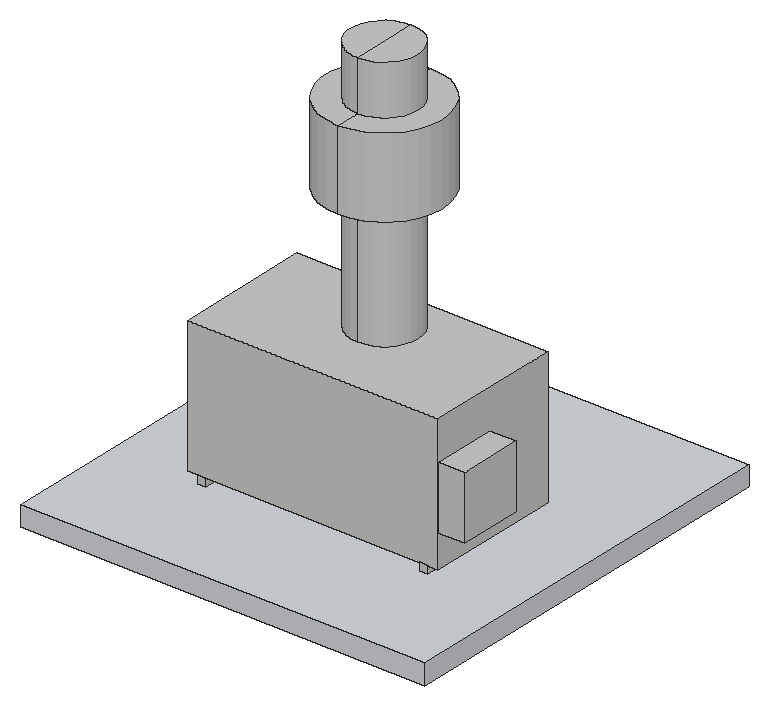
Revit family "DC_Rheem_PLM_Raypak_B1142HWT", category Plumbing Fixtures, host Face, Revit 2017
Family settings
  Host = Face
  Round Connector Dimension = Use Radius
  Part Type = Normal
  Cut with Voids When Loaded = No
  Shared = No
  Room Calculation Point = No
Parameters (values of type "Raypak - Gas Water Heater- Outdoor - 1090 MJ/h  Propane gas, modulating gas control")
  URL = "http://www.rheem.com.au/CommercialProducts"
  Type Comments = "Recovery 4128L/h @ 50°C rise\r\n"
  TopSmallDia_ANZRS = 405 mm  # constant formula
  TopH2_ANZRS = 480 mm
  TopH1_ANZRS = 300 mm
  TopBigDia_ANZRS = 700 mm
  PRVDiameter_ANZRS = PRVRadius_ANZRS * 2  # 15 mm
  Materials_ANZRS = Raypak - Grey Powder Coated Steel
  PRVRadius_ANZRS = 7.5 mm
  PVRDist_ANZRS = 85 mm
  Model = "B1142PCM/HWT\r\n"
  Manufacturer = "Raypak\r\n"
  Length_ANZRS = 1510 mm
  HotWaterPipeDist_ANZRS = 155 mm
  HotWaterPipeRadius_ANZRS = 32.5 mm
  HotWaterPipeDiameter_ANZRS = HotWaterPipeRadius_ANZRS * 2  # 65 mm
  GasPipeRadius_ANZRS = 10 mm
  GasPipeHeight_ANZRS = 410 mm
  GasPipeDist_ANZRS = 130 mm
  GasPipeDiameter_ANZRS = GasPipeRadius_ANZRS * 2  # 20 mm
  EleBoxWidth_ANZRS = 160 mm
  EleBoxHeightfromBase_ANZRS = 245 mm
  EleBoxHeight_ANZRS = 380 mm
  DesignBy_ANZRS = "Design Content ©"
  ColdWaterPipeDiameter_ANZRS = ColdWaterPipeRadius_ANZRS * 2  # 65 mm
  Author_ANZRS = "DM"
  Description = "Raypak - Gas Water Heater- Outdoor - 1090 MJ/h  Propane gas, modulating gas control\r\n"
  Default Elevation = 0 mm  # constant formula
  ConnHeight_ANZRS = 755 mm
  ColdWaterPipeRadius_ANZRS = 32.5 mm
  ColdWaterPipeDisi_ANZRS = 280 mm
  BoxHeight_ANZRS = 860 mm
  BaseWidth_ANZRS = 50 mm
  BaseHeight_ANZRS = 45 mm
  BaseDist_ANZRS = 60 mm
  Assembly Code = ""
Types (5, lengths in mm): name | URL | Type Comments | Model | GasPipeRadius_ANZRS | GasPipeDiameter_ANZRS | Description
  (no name) | "http://www.rheem.com.au/downloads/PDF/Raypak_Mechanical_Heating_Brochure_July_09.pdf\r\n" | "Recovery 4128L/h @ 50°C rise\r\n" | "B1142PCO/HWT\r\n" | 16 | 32 | "Raypak - Gas Water Heater- Outdoor - 1090 MJ/h  Propane gas, On/Off gas control\r\n"
  Raypak - Gas Water Heater- Outdoor - 1142 MJ/h  Natural gas, modulating gas control | "http://www.rheem.com.au/CommercialProducts" | "Recovery 4386L/h @ 50°C rise\r\n" | "B1142NCM/HWT\r\n" | 20 | 40 | "Raypak - Gas Water Heater- Outdoor - 1142 MJ/h  Natural gas, modulating gas control\r\n"
  Raypak - Gas Water Heater- Outdoor - 1142 MJ/h  Natural gas, On/Off gas control | "http://www.rheem.com.au/CommercialProducts" | "Recovery 4386L/h @ 50°C rise\r\n" | "B1142NCO/HWT\r\n" | 20 | 40 | "Raypak - Gas Water Heater- Outdoor - 1142 MJ/h  Natural gas, On/Off gas control\r\n"
  Raypak - Gas Water Heater- Outdoor - 1090 MJ/h  Propane gas, modulating gas control | "http://www.rheem.com.au/CommercialProducts" | "Recovery 4128L/h @ 50°C rise\r\n" | "B1142PCM/HWT\r\n" | 10 | 20 | "Raypak - Gas Water Heater- Outdoor - 1090 MJ/h  Propane gas, modulating gas control\r\n"
  Raypak - Gas Water Heater- Outdoor - 1090 MJ/h  Propane gas, On/Off gas control | "http://www.rheem.com.au/CommercialProducts" | "Recovery 4128L/h @ 50°C rise\r\n" | "B1142PCO/HWT\r\n" | 16 | 32 | "Raypak - Gas Water Heater- Outdoor - 1090 MJ/h  Propane gas, On/Off gas control\r\n"
Reference planes
  plane 1 "Center (Front/Back)": y = 0
  plane 2: z = 0
  plane 3 "Center (Left/Right)": x = 0
  plane 4: z = 45
  plane 5: x = -755
  plane 6: x = 755
  plane 7: x = 915
  plane 8: z = 245
  plane 9: z = 860
  plane 10: x = -695
  plane 11: x = 695
  plane 12: x = -645
  plane 13: x = 645
  plane 14: y = 285
  plane 15: y = -540
  plane 16: z = 2395
  plane 17: z = 2095
  plane 18: z = 1615
  plane 19: y = 202.5
  plane 20: y = -202.5
  plane 21: y = 350
  plane 22: y = -350
  plane 23: z = 755
  plane 24: y = 200
  plane 25: y = 130
  plane 26: y = -150
  plane 27: y = -410
  plane 28: z = 410
  plane 29: z = 625
  plane 30: x = -202.5
  plane 31: x = 202.5
  plane 32: x = -350
  plane 33: x = 350
  plane 34: x = -745
  plane 35: x = -775
  plane 36: y = -155
Forms (mm)
  Extrusion 1, solid
    sketch origin (0, 0, 0) x (1, 0, 0) y (0, 1, 0)
      loop
        line (-1219.2, 1219.2) -> (-1219.2, -1219.2) -> (1219.2, -1219.2) -> (1219.2, 1219.2) -> (-1219.2, 1219.2)
    from 0 to -120
  Extrusion 2, solid, material "Raypak - Grey Powder Coated Steel" <- "Materials_ANZRS"
    sketch origin (0, 0, 0) x (1, 0, 0) y (0, 0, 1)
      loop
        line (-695, 45) -> (-695, 0) -> (-645, 0) -> (-645, 45) -> (-695, 45)
      loop
        line (645, 45) -> (645, 0) -> (695, 0) -> (695, 45) -> (645, 45)
    from -285 to 540
  Extrusion 3, solid, material "Raypak - Grey Powder Coated Steel" <- "Materials_ANZRS"
    sketch origin (0, 0, 0) x (1, 0, 0) y (0, 1, 0)
      loop
        line (-755, 285) -> (-755, -540) -> (755, -540) -> (755, 285) -> (-755, 285)
    from 45 to 860
  Revolve 4, solid, material "Raypak - Grey Powder Coated Steel" <- "Materials_ANZRS"
    sketch origin (0, 0, 0) x (0, 1, 0) y (0, 0, 1)
      loop
        line (0, 2395) -> (-202.5, 2395) -> (-202.5, 2095) -> (-350, 2095) -> (-350, 1615) -> (-202.5, 1615) -> (-202.5, 860) -> (0, 860) -> (0, 2395)
      axis (0, 2395) -> (0, 860)
    angle from 0 to 360
  Extrusion 5, solid, material "Raypak - Grey Powder Coated Steel" <- "Materials_ANZRS"
    sketch origin (0, 0, 0) x (1, 0, 0) y (0, 0, 1)
      loop
        line (755, 625) -> (755, 245) -> (915, 245) -> (915, 625) -> (755, 625)
    from 155 to 540
  Extrusion 6, void
    sketch origin (0, 0, 0) x (0, 1, 0) y (0, 0, 1)
      loop
        circle (200, 755) r 7.5
      loop
        circle (130, 755) r 32.5
      loop
        circle (-150, 755) r 32.5
    from -755 to -745
  Extrusion 7, solid, material "Raypak - Grey Powder Coated Steel" <- "Materials_ANZRS"
    sketch origin (0, 0, 0) x (0, 1, 0) y (0, 0, 1)
      loop
        circle (-410, 410) r 10
    from -775 to -755
Cuts and joins
  Extrusion 6 cuts Extrusion 3
  joined: Extrusion 3, Extrusion 7
Lines and regions (mm)
  Masking region 1
    outline origin (0, 0, 0) x (1, 0, 0) y (0, 1, 0)
      loop
        line (-755, 285) -> (-755, -395) -> (-775, -395) -> (-775, -425) -> (-755, -425) -> (-755, -540) -> (915, -540) -> (915, -155) -> (755, -155) -> (755, 285) -> (203.162, 285)
        arc (203.162, 285) -> (106.654, 333.354) -> (0, 350) r 350
        arc (0, 350) -> (-106.654, 333.354) -> (-203.162, 285) r 350
        line (-203.162, 285) -> (-755, 285)
  Masking region 2
    outline origin (0, 0, 0) x (1, 0, 0) y (0, 0, 1)
      loop
        line (202.5, 2395) -> (-202.5, 2395) -> (-202.5, 2095) -> (-350, 2095) -> (-350, 1615) -> (-202.5, 1615) -> (-202.5, 860) -> (-755, 860) -> (-755, 425) -> (-775, 425) -> (-775, 395) -> (-755, 395) -> (-755, 45) -> (-695, 45) -> (-695, 0) -> (-645, 0) -> (-645, 45) -> (645, 45) -> (645, 0) -> (695, 0) -> (695, 45) -> (755, 45) -> (755, 245) -> (915, 245) -> (915, 625) -> (755, 625) -> (755, 860) -> (202.5, 860) -> (202.5, 1615) -> (350, 1615) -> (350, 2095) -> (202.5, 2095) -> (202.5, 2395)
  Masking region 3
    outline origin (0, 0, 0) x (0, 1, 0) y (0, 0, 1)
      loop
        line (202.5, 2395) -> (-202.5, 2395) -> (-202.5, 2095) -> (-350, 2095) -> (-350, 1615) -> (-202.5, 1615) -> (-202.5, 860) -> (-540, 860) -> (-540, 0) -> (285, 0) -> (285, 860) -> (202.5, 860) -> (202.5, 1615) -> (350, 1615) -> (350, 2095) -> (202.5, 2095) -> (202.5, 2395)
  symbolic lines, style "Rheem Raypak", detail levels fine
    curve 1: line (-350, 0, 2095) -> (-350, 0, 1615)
    curve 2: line (-350, 0, 1615) -> (350, 0, 1615)
    curve 3: line (-202.5, 0, 1615) -> (-202.5, 0, 860)
    curve 4: line (-202.5, 0, 2395) -> (-202.5, 0, 2095)
    curve 5: line (202.5, 0, 2395) -> (-202.5, 0, 2395)
    curve 6: line (202.5, 0, 2095) -> (202.5, 0, 2395)
    curve 7: line (350, 0, 2095) -> (-350, 0, 2095)
    curve 8: line (350, 0, 1615) -> (350, 0, 2095)
    curve 9: line (202.5, 0, 860) -> (202.5, 0, 1615)
    curve 10: line (755, 0, 860) -> (-755, 0, 860)
    curve 11: line (755, 0, 45) -> (755, 0, 860)
    curve 12: line (-755, 0, 860) -> (-755, 0, 45)
    curve 13: line (-755, 0, 45) -> (755, 0, 45)
    curve 14: line (-645, 0, 0) -> (-645, 0, 45)
    curve 15: line (-695, 0, 0) -> (-645, 0, 0)
    curve 16: line (-695, 0, 45) -> (-695, 0, 0)
    curve 17: line (695, 0, 0) -> (695, 0, 45)
    curve 18: line (645, 0, 45) -> (645, 0, 0)
    curve 19: line (645, 0, 0) -> (695, 0, 0)
    curve 20: line (755, 0, 245) -> (915, 0, 245)
    curve 21: line (915, 0, 245) -> (915, 0, 625)
    curve 22: line (915, 0, 625) -> (755, 0, 625)
    curve 23: line (-775, 0, 395) -> (-755, 0, 395)
    curve 24: line (-775, 0, 425) -> (-775, 0, 395)
    curve 25: line (-755, 0, 425) -> (-775, 0, 425)
    curve 26: line (0, -350, 2095) -> (0, 350, 2095)
    curve 27: line (0, -350, 1615) -> (0, 350, 1615)
    curve 28: line (0, 350, 1615) -> (0, 350, 2095)
    curve 29: line (0, -350, 2095) -> (0, -350, 1615)
    curve 30: line (0, -202.5, 2395) -> (0, -202.5, 2095)
    curve 31: line (0, 202.5, 2095) -> (0, 202.5, 2395)
    curve 32: line (0, -202.5, 2395) -> (0, 202.5, 2395)
    curve 33: line (0, -202.5, 1615) -> (0, -202.5, 860)
    curve 34: line (0, 202.5, 860) -> (0, 202.5, 1615)
    curve 35: line (0, 285, 860) -> (0, -540, 860)
    curve 36: line (0, -540, 860) -> (0, -540, 45)
    curve 37: line (0, 285, 45) -> (0, 285, 860)
    curve 38: line (0, -540, 45) -> (0, 285, 45)
    curve 39: line (0, 285, 0) -> (0, 285, 45)
    curve 40: line (0, -540, 45) -> (0, -540, 0)
    curve 41: line (0, -540, 0) -> (0, 285, 0)
    curve 42: arc (0, -182.5, 755) -> (0, -150, 722.5) -> (0, -117.5, 755) r 32.5
    curve 43: arc (0, -117.5, 755) -> (0, -150, 787.5) -> (0, -182.5, 755) r 32.5
    curve 44: arc (0, -400, 410) -> (0, -410, 400) -> (0, -420, 410) r 10
    curve 45: arc (0, -420, 410) -> (0, -410, 420) -> (0, -400, 410) r 10
    curve 46: arc (0, 97.5, 755) -> (0, 130, 722.5) -> (0, 162.5, 755) r 32.5
    curve 47: arc (0, 162.5, 755) -> (0, 130, 787.5) -> (0, 97.5, 755) r 32.5
    curve 48: arc (0, 192.5, 755) -> (0, 200, 747.5) -> (0, 207.5, 755) r 7.5
    curve 49: arc (0, 207.5, 755) -> (0, 200, 762.5) -> (0, 192.5, 755) r 7.5
    curve 50: arc (0, -350, 0) -> (-350, 0, 0) -> (0, 350, 0) r 350
    curve 51: arc (0, 350, 0) -> (350, 0, 0) -> (0, -350, 0) r 350
    curve 52: arc (0, 202.5, 0) -> (202.5, 0, 0) -> (0, -202.5, 0) r 202.5
    curve 53: arc (0, -202.5, 0) -> (-202.5, 0, 0) -> (0, 202.5, 0) r 202.5
    curve 54: line (755, 285, 0) -> (180.662, 285, 0)
    curve 55: line (755, -540, 0) -> (755, 285, 0)
    curve 56: line (-755, -540, 0) -> (755, -540, 0)
    curve 57: line (-755, 285, 0) -> (-755, -540, 0)
    curve 58: line (915, 285, 0) -> (755, 285, 0)
    curve 59: line (915, -540, 0) -> (915, 285, 0)
    curve 60: line (755, -540, 0) -> (915, -540, 0)
    curve 61: line (-775, -395, 0) -> (-775, -425, 0)
    curve 62: line (-180.662, 285, 0) -> (-755, 285, 0)
    curve 63: line (-775, -395, 0) -> (-755, -395, 0)
    curve 64: line (-775, -425, 0) -> (-755, -425, 0)
Dimensions and locks
  "BaseHeight_ANZRS": plane 4 to level
  equal spacing: plane 6, plane 3 "Center (Left/Right)", plane 5
  "Length_ANZRS": plane 5 to plane 6
  "EleBoxWidth_ANZRS": plane 6 to plane 7
  "EleBoxHeightfromBase_ANZRS": plane 8 to Extrusion 1
  "EleBoxHeight_ANZRS": plane 29 to plane 8
  "BaseDist_ANZRS": plane 10 to plane 5
  "BaseDist_ANZRS": plane 11 to plane 6
  "BaseWidth_ANZRS": plane 10 to plane 12
  "BaseWidth_ANZRS": plane 11 to plane 13
  plane 1 "Center (Front/Back)" to plane 15 = 540 mm
  plane 14 to plane 15 = 825 mm
  plane 16 to Extrusion 1 = 2395 mm
  "TopSmallDia_ANZRS": plane 19 to plane 20
  equal spacing: plane 19, plane 1 "Center (Front/Back)", plane 20
  equal spacing: plane 21, plane 1 "Center (Front/Back)", plane 22
  "TopBigDia_ANZRS": plane 21 to plane 22
  "ConnHeight_ANZRS": plane 23 to Extrusion 1
  "BoxHeight_ANZRS": plane 9 to Extrusion 1
  "PVRDist_ANZRS": plane 14 to plane 24
  "HotWaterPipeDist_ANZRS": plane 14 to plane 25
  "ColdWaterPipeDisi_ANZRS": plane 25 to plane 26
  "GasPipeDist_ANZRS": plane 27 to plane 15
  "GasPipeHeight_ANZRS": plane 28 to Extrusion 1
  "TopH1_ANZRS": plane 16 to plane 17
  "TopH2_ANZRS": plane 17 to plane 18
  equal spacing: plane 32, plane 3 "Center (Left/Right)", plane 33
  "TopSmallDia_ANZRS": plane 30 to plane 31
  equal spacing: plane 30, plane 3 "Center (Left/Right)", plane 31
  "TopBigDia_ANZRS": plane 32 to plane 33
  locked: plane 5 to plane 34 at 10
  locked: plane 35 to plane 5 at 20
  "ColdWaterPipeRadius_ANZRS": radius of Extrusion 6 sketch curve
  "HotWaterPipeRadius_ANZRS": radius of Extrusion 6 sketch curve
  "PRVRadius_ANZRS": radius of Extrusion 6 sketch curve
  "GasPipeRadius_ANZRS": radius of Extrusion 7 sketch curve
  aligned and locked: plane 2 to Extrusion 1
  aligned and locked: level to Extrusion 1
  aligned and locked: Extrusion 2 sketch curve to plane 4  (x2)
  aligned and locked: Extrusion 2 sketch curve to plane 10
  aligned and locked: level to Extrusion 2 sketch curve  (x2)
  aligned and locked: plane 12 to Extrusion 2 sketch curve
  aligned and locked: plane 13 to Extrusion 2 sketch curve
  aligned and locked: plane 11 to Extrusion 2 sketch curve
  aligned and locked: plane 14 to Extrusion 3 sketch curve
  aligned and locked: plane 15 to Extrusion 3 sketch curve
  aligned and locked: plane 6 to Extrusion 3 sketch curve
  aligned and locked: plane 9 to Extrusion 3
  aligned and locked: Extrusion 3 to plane 4
  aligned and locked: Extrusion 2 to plane 15
  aligned and locked: Extrusion 2 to plane 14
  aligned and locked: plane 16 to Revolve 4 sketch curve
  aligned and locked: Revolve 4 sketch curve to plane 20
  aligned and locked: Revolve 4 sketch curve to plane 22
  aligned and locked: plane 9 to Revolve 4 sketch curve
  aligned and locked: Revolve 4 sketch curve to plane 1 "Center (Front/Back)"
  aligned and locked: Extrusion 5 sketch curve to plane 29
  aligned and locked: Extrusion 5 sketch curve to plane 6
  aligned and locked: plane 8 to Extrusion 5 sketch curve
  aligned and locked: plane 7 to Extrusion 5 sketch curve
  aligned: Extrusion 2 to Extrusion 5
  aligned and locked: Extrusion 5 to Extrusion 2
  aligned and locked: plane 24 to Extrusion 6 sketch curve
  aligned and locked: plane 23 to Extrusion 6 sketch curve  (x3)
  aligned and locked: plane 25 to Extrusion 6 sketch curve
  aligned and locked: plane 26 to Extrusion 6 sketch curve
  aligned and locked: Extrusion 3 to plane 5
  aligned and locked: Extrusion 6 to plane 5
  aligned and locked: Extrusion 6 to plane 34
  aligned and locked: plane 28 to Extrusion 7 sketch curve
  aligned and locked: plane 27 to Extrusion 7 sketch curve
  aligned and locked: plane 35 to Extrusion 7
  aligned: Extrusion 7 to plane 34
  aligned and locked: plane 5 to Extrusion 7
  aligned and locked: Masking region 1 sketch curve to cut or joined group of Extrusion 3, Extrusion 6, Extrusion 7  (x3)
  aligned and locked: Masking region 1 sketch curve to Extrusion 5  (x2)
  aligned and locked: Masking region 1 sketch curve to Revolve 4  (x2)
  aligned and locked: Masking region 2 sketch curve to plane 31
  aligned and locked: Masking region 2 sketch curve to plane 30
  aligned and locked: Masking region 2 sketch curve to plane 16
  aligned and locked: Masking region 2 sketch curve to plane 17
  aligned and locked: Masking region 2 sketch curve to plane 18
  aligned and locked: Masking region 2 sketch curve to plane 33
  aligned and locked: Masking region 2 sketch curve to plane 32
  aligned and locked: Masking region 2 sketch curve to plane 9
  aligned and locked: plane 6 to Masking region 2 sketch curve
  aligned and locked: Masking region 2 sketch curve to plane 29
  aligned and locked: Masking region 2 sketch curve to plane 8
  aligned and locked: plane 7 to Masking region 2 sketch curve
  aligned and locked: Masking region 2 sketch curve to cut or joined group of Extrusion 3, Extrusion 6, Extrusion 7
  aligned and locked: Masking region 2 sketch curve to plane 5
  aligned and locked: Extrusion 1 to Masking region 2 sketch curve  (x2)
  aligned and locked: plane 16 to Masking region 3 sketch curve
  aligned and locked: plane 17 to Masking region 3 sketch curve
  aligned and locked: Masking region 3 sketch curve to plane 22
  aligned and locked: Masking region 3 sketch curve to plane 21
  aligned and locked: Masking region 3 sketch curve to plane 19
  aligned and locked: Masking region 3 sketch curve to plane 20
  aligned and locked: plane 9 to Masking region 3 sketch curve
  aligned and locked: Masking region 3 sketch curve to plane 15
  aligned and locked: plane 14 to Masking region 3 sketch curve
  aligned and locked: Extrusion 1 to Masking region 3 sketch curve
  aligned and locked: plane 18 to Masking region 3 sketch curve
  aligned and locked: Masking region 2 sketch curve to plane 12
  aligned and locked: Masking region 2 sketch curve to plane 10
  aligned and locked: Masking region 2 sketch curve to plane 11
  aligned and locked: plane 13 to Masking region 2 sketch curve
  aligned and locked: Masking region 2 sketch curve to plane 4  (x3)
  aligned and locked: curve 1 to Masking region 2
  aligned and locked: curve 2 to Masking region 2
  aligned and locked: curve 3 to Masking region 2
  aligned and locked: curve 4 to Masking region 2
  aligned and locked: curve 5 to Masking region 2
  aligned and locked: curve 6 to Masking region 2
  aligned and locked: curve 7 to Masking region 2
  aligned and locked: curve 8 to Masking region 2
  aligned and locked: curve 9 to Masking region 2
  aligned and locked: curve 10 to cut or joined group of Extrusion 3, Extrusion 6, Extrusion 7
  aligned and locked: curve 11 to cut or joined group of Extrusion 3, Extrusion 6, Extrusion 7
  aligned and locked: curve 12 to cut or joined group of Extrusion 3, Extrusion 6, Extrusion 7
  aligned and locked: curve 13 to cut or joined group of Extrusion 3, Extrusion 6, Extrusion 7
  aligned and locked: curve 14 to Extrusion 2
  aligned and locked: curve 15 to Extrusion 2
  aligned and locked: curve 16 to Extrusion 2
  aligned and locked: curve 17 to Extrusion 2
  aligned and locked: curve 18 to Extrusion 2
  aligned and locked: curve 19 to Extrusion 2
  aligned and locked: curve 20 to Extrusion 5
  aligned and locked: curve 21 to Extrusion 5
  aligned and locked: curve 22 to Extrusion 5
  aligned and locked: curve 23 to Masking region 2
  aligned and locked: curve 24 to cut or joined group of Extrusion 3, Extrusion 6, Extrusion 7
  aligned and locked: curve 25 to Masking region 2
  aligned and locked: curve 26 to Revolve 4
  aligned and locked: curve 27 to Revolve 4
  aligned and locked: curve 28 to Masking region 3
  aligned and locked: curve 29 to Masking region 3
  aligned and locked: curve 30 to Masking region 3
  aligned and locked: curve 31 to Masking region 3
  aligned and locked: curve 32 to Revolve 4
  aligned and locked: curve 33 to Masking region 3
  aligned and locked: curve 34 to Masking region 3
  aligned and locked: curve 35 to cut or joined group of Extrusion 3, Extrusion 6, Extrusion 7
  aligned and locked: curve 36 to cut or joined group of Extrusion 3, Extrusion 6, Extrusion 7
  aligned and locked: curve 37 to cut or joined group of Extrusion 3, Extrusion 6, Extrusion 7
  aligned and locked: curve 38 to cut or joined group of Extrusion 3, Extrusion 6, Extrusion 7
  aligned and locked: curve 39 to Extrusion 2
  aligned and locked: curve 40 to Extrusion 2
  aligned and locked: curve 41 to Extrusion 2
  aligned and locked: curve 50 to Revolve 4
  aligned and locked: curve 51 to Revolve 4
  aligned and locked: curve 52 to Revolve 4
  aligned and locked: curve 53 to Revolve 4
  aligned and locked: curve 54 to cut or joined group of Extrusion 3, Extrusion 6, Extrusion 7
  aligned and locked: curve 55 to cut or joined group of Extrusion 3, Extrusion 6, Extrusion 7
  aligned and locked: curve 56 to cut or joined group of Extrusion 3, Extrusion 6, Extrusion 7
  aligned and locked: curve 57 to cut or joined group of Extrusion 3, Extrusion 6, Extrusion 7
  aligned and locked: curve 59 to Extrusion 5
  aligned and locked: curve 60 to Extrusion 5
  aligned and locked: curve 61 to cut or joined group of Extrusion 3, Extrusion 6, Extrusion 7
  aligned and locked: curve 46 to cut or joined group of Extrusion 3, Extrusion 6, Extrusion 7
  aligned and locked: curve 48 to cut or joined group of Extrusion 3, Extrusion 6, Extrusion 7
  aligned and locked: curve 42 to cut or joined group of Extrusion 3, Extrusion 6, Extrusion 7
  aligned and locked: curve 44 to cut or joined group of Extrusion 3, Extrusion 6, Extrusion 7
Automatic sketch dimensions
  Extrusion 1 sketch curve to Extrusion 1 sketch curve = 2438.4 mm  (x2)
  Revolve 4 sketch curve to plane 1 "Center (Front/Back)" = 0 mm
  Revolve 4 sketch curve to plane 16 = 51.193 mm
  Revolve 4 sketch curve to level = 2207.352 mm
  Revolve 4 sketch curve to plane 18 = 0 mm
  Revolve 4 sketch curve to plane 20 = 0 mm
  Revolve 4 sketch curve to plane 17 = 0 mm
  Extrusion 3 sketch curve to plane 5 = 0 mm
  plane 30 to Masking region 2 sketch curve = 0 mm
  Masking region 2 sketch curve to plane 18 = 0 mm
  Masking region 2 sketch curve to plane 31 = 0 mm
  Masking region 2 sketch curve to plane 9 = 0 mm
  Masking region 2 sketch curve to plane 17 = 0 mm
  Masking region 2 sketch curve to plane 28 = 15 mm
  Masking region 2 sketch curve to plane 5 = 0 mm
  plane 28 to Masking region 2 sketch curve = 15 mm
  Masking region 3 sketch curve to plane 19 = 0 mm
  Masking region 3 sketch curve to plane 17 = 0 mm
  Masking region 3 sketch curve to plane 20 = 0 mm
  Masking region 3 sketch curve to plane 18 = 0 mm
  Masking region 3 sketch curve to plane 9 = 0 mm
  plane 6 to Masking region 2 sketch curve = 0 mm
  curve 3 to plane 9 = 0 mm
  curve 4 to plane 16 = 0 mm
  curve 5 to plane 31 = 0 mm
  curve 7 to plane 33 = 0 mm
  curve 8 to plane 18 = 0 mm
  curve 10 to plane 5 = 0 mm
  plane 6 to curve 10 = 0 mm
  curve 11 to plane 4 = 0 mm
  curve 14 to level = 0 mm
  plane 12 to curve 14 = 0 mm
  plane 10 to curve 15 = 0 mm
  curve 17 to level = 0 mm
  plane 11 to curve 17 = 0 mm
  curve 18 to plane 13 = 0 mm
  plane 7 to curve 20 = 0 mm
  curve 20 to plane 8 = 0 mm
  curve 21 to plane 29 = 0 mm
  plane 35 to curve 23 = 0 mm
  curve 23 to plane 28 = 15 mm
  plane 28 to curve 24 = 15 mm
  curve 9 to plane 31 = 0 mm
  plane 30 to curve 3 = 0 mm
  plane 32 to curve 1 = 0 mm
  plane 30 to curve 4 = 0 mm
  curve 1 to plane 17 = 0 mm
  curve 27 to plane 18 = 0 mm
  curve 27 to plane 22 = 0 mm
  curve 26 to plane 17 = 0 mm
  curve 27 to plane 21 = 0 mm
  curve 30 to plane 20 = 0 mm
  curve 31 to plane 19 = 0 mm
  curve 31 to plane 16 = 0 mm
  curve 33 to plane 20 = 0 mm
  curve 33 to plane 9 = 0 mm
  curve 34 to plane 19 = 0 mm
  curve 35 to plane 15 = 0 mm
  curve 35 to plane 14 = 0 mm
  curve 37 to plane 4 = 0 mm
  curve 40 to level = 0 mm
  curve 61 to plane 35 = 0 mm
  curve 62 to plane 5 = 0 mm
  plane 14 to curve 62 = 0 mm
  curve 60 to plane 6 = 0 mm
  curve 60 to plane 7 = 0 mm
  curve 56 to plane 15 = 0 mm
  curve 62 to plane 30 = 21.838 mm
  curve 54 to plane 31 = 21.838 mm
  plane 27 to curve 64 = 15 mm
  curve 63 to plane 27 = 15 mm
  curve 54 to plane 1 "Center (Front/Back)" = 285 mm
  Masking region 1 sketch curve to plane 5 = 0 mm
  plane 14 to Masking region 1 sketch curve = 0 mm
  Masking region 1 sketch curve to plane 6 = 0 mm
  plane 27 to Masking region 1 sketch curve = 15 mm
  Masking region 1 sketch curve to plane 27 = 15 mm
  plane 1 "Center (Front/Back)" to Masking region 1 sketch curve = 155 mm
Connectors
  piping at (-755, 200, 755), diameter 15, driven by "PRVRadius_ANZRS"
    settings: on cut or joined group of Extrusion 3, Extrusion 6, Extrusion 7, index 1, connector inside diameter 0.59055", connector length 0 mm, flow factor 0, pipe flow 0 GPM, pressure drop 0.00 psi, fitting loss kfactor 0, connector angle 0.00°, fixture units 0, engagement length 0 mm, angle of deflection 0.00°, flow configuration 1, flow direction 2, fitting loss method 0, system type 22, joint type 0, gender type 0, connector reference index -1, connector utility 0, adjustable connector no, is connector primary yes, connector description "PRV"
  piping at (-755, 130, 755), diameter 65, driven by "HotWaterPipeRadius_ANZRS"
    settings: on cut or joined group of Extrusion 3, Extrusion 6, Extrusion 7, index 2, connector inside diameter 2.55906", connector length 0 mm, flow factor 0, pipe flow 0 GPM, pressure drop 0.00 psi, fitting loss kfactor 0, connector angle 0.00°, fixture units 0, engagement length 0 mm, angle of deflection 0.00°, flow configuration 1, flow direction 2, fitting loss method 0, system type 19, joint type 0, gender type 0, connector reference index -1, connector utility 0, adjustable connector no, is connector primary no, connector description ""
  piping at (-755, -150, 755), diameter 65, driven by "ColdWaterPipeRadius_ANZRS"
    settings: on cut or joined group of Extrusion 3, Extrusion 6, Extrusion 7, index 3, connector inside diameter 2.55906", connector length 0 mm, flow factor 0, pipe flow 0 GPM, pressure drop 0.00 psi, fitting loss kfactor 0, connector angle 0.00°, fixture units 0, engagement length 0 mm, angle of deflection 0.00°, flow configuration 1, flow direction 1, fitting loss method 0, system type 20, joint type 0, gender type 0, connector reference index -1, connector utility 0, adjustable connector no, is connector primary no, connector description ""
  piping at (-775, -410, 410), diameter 20, driven by "GasPipeRadius_ANZRS"
    settings: on cut or joined group of Extrusion 3, Extrusion 6, Extrusion 7, index 4, connector inside diameter 1.25984", connector length 0 mm, flow factor 0, pipe flow 0 GPM, pressure drop 0.00 psi, fitting loss kfactor 0, connector angle 0.00°, fixture units 0, engagement length 0 mm, angle of deflection 0.00°, flow configuration 1, flow direction 1, fitting loss method 0, system type 22, joint type 0, gender type 0, connector reference index -1, connector utility 0, adjustable connector no, is connector primary no, connector description "Gas"
